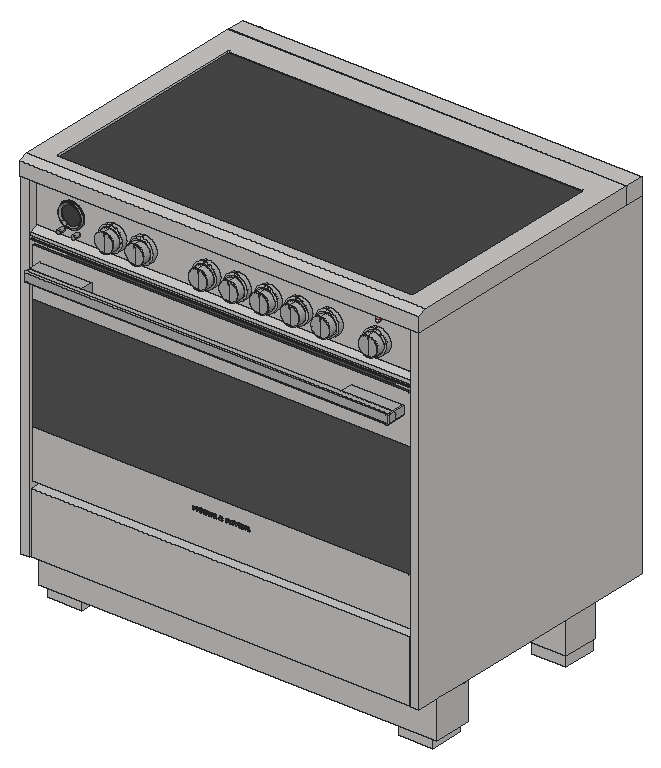
Revit family "FP_Revit_18_OR36SDI6X1_Range_90001023A", category Specialty Equipment, Revit 2018
Family settings
  Round Connector Dimension = Use Diameter
  Part Type = Normal
  OmniClass Number = 23.40.40.14.17.17
  OmniClass Title = Ranges
  Work Plane-Based = No
  Always vertical = Yes
  Cut with Voids When Loaded = Yes
  Shared = No
  Room Calculation Point = No
Parameters
  Visibility - Toe Kick Panel (Optional) = yes
  Visibility - Rear Trim 3"/76mm (Optional) = no
  Visibility - Rear Trim (Supplied) = yes
  Visibility - Clearance Required = yes
  Visibility - Adjustable Feet Covers = yes
  URL = "www.fisherpaykel.com"
  Product - Width = 911 mm  # constant formula
  Product - Height = 915 mm  # constant formula
  Product - Depth = 678.5 mm  # constant formula
  Optional - Toe Kick Panel = "KICKOR36X1"
  Optional - Rear Trim = "TKOR366X1"
  Model = "OR36SDI6X1"
  Material - Trim = Fisher & Paykel - Steel, Chrome Plated
  Material - Handle = Fisher & Paykel - Aluminium
  Material - Glass = Fisher & Paykel - Glass, Black
  Material - Door Front = Fisher & Paykel - Stainless Steel
  Material - Cooktop = Fisher & Paykel - Black, Matte
  Material - Buttons and Dials = Fisher & Paykel - Aluminium
  Material - Body = Fisher & Paykel - Stainless Steel
  Manufacturer = "Fisher & Paykel Appliances"
  Keynote = ""
  Description = "36\" Contemporary Freestanding Induction Range (Stainless)"
  Countertop Height (min 908mm - max 933mm) = 915 mm
  Connector Description - Electrical = "120/208 V or 120/240 V, 60 Hz, 40 A, *NEC Calculated load (50 A, Fused electrical supply)"
  Clearance - Side Non-Combustible = 0 mm  # constant formula
  Clearance - Side Combustible = 50 mm  # constant formula
  Clearance - Rear Non-Combustible = 0 mm  # constant formula
  Clearance - Rear Combustible = 50 mm  # constant formula
  Clearance - Overhead Rangehood = 610 mm  # constant formula
  Clearance - Overhead Non-Combustible = 610 mm  # constant formula
  Clearance - Overhead Combustible = 762 mm  # constant formula
  Chassis - Width = 911 mm  # constant formula
  Chassis - Height = 813.6 mm  # constant formula
  Chassis - Depth = 639 mm  # constant formula
  Cavity - Width = 914 mm  # constant formula
  Cavity - Height = 0 mm  # constant formula
  Cavity - Depth = 641 mm  # constant formula
Reference planes
  plane 1 "Datum": y = 0
  plane 2: z = 0
  plane 3 "Center (Left/Right)": x = 0
  plane 4 "Product Height": z = 923
  plane 5 "Product LHS": x = -455.5
  plane 6 "Product RHS": x = 455.5
  plane 7 "Cavity LHS": x = -457
  plane 8 "Cavity RHS": x = 457
  plane 9 "Product Depth": y = 639
  plane 10 "Cavity Depth": y = 641
  plane 11 "Dials": z = 820.4
  plane 12 "Countertop Height": z = 915
Forms (mm)
  Extrusion 1, solid, material "Fisher & Paykel - Stainless Steel" <- "Material - Body"
    sketch origin (0, 0, 0) x (0, 1, 0) y (0, 0, 1)
      loop
        line (50.7, 883) -> (50.7, 109.4) -> (566.5, 109.4) -> (566.5, 883) -> (50.7, 883)
    from -435.7 to 435.7
  Extrusion 2, solid, material "Fisher & Paykel - Stainless Steel" <- "Material - Body"
    sketch origin (0, 0, 0) x (0, 1, 0) y (0, 0, 1)
      loop
        line (19, 883) -> (19, 782.4) -> (50.7, 782.4) -> (50.7, 883) -> (19, 883)
    from -435.7 to 435.7
  Extrusion 3, solid, material "Fisher & Paykel - Stainless Steel" <- "Material - Body"
    sketch origin (0, 0, 0) x (0, 1, 0) y (0, 0, 1)
      loop
        line (31.59, 250.4) -> (1.5, 250.4) -> (1.5, 109.4) -> (31.59, 109.4) -> (31.59, 250.4)
    from -432 to 432
  Extrusion 4, solid, material "Fisher & Paykel - Clearance Required", visible <- "Visibility - Clearance Required", detail levels coarse
    sketch origin (0, 0, 0) x (0, 1, 0) y (0, 0, 1)
      loop
        line (0, 266.1) -> (0, 747.098)
        arc (0, 747.098) -> (-340.117, 606.217) -> (-480.998, 266.1) r 480.998
        line (-480.998, 266.1) -> (0, 266.1)
    from -457 to 457
  Extrusion 5, solid, material "Fisher & Paykel - Clearance Required", visible <- "Visibility - Clearance Required", detail levels coarse
    sketch origin (0, 0, 0) x (0, 1, 0) y (0, 0, 1)
      loop
        line (641, 0) -> (641, 923) -> (0, 923) -> (0, 0) -> (641, 0)
    from -457 to 457
  Extrusion 6, solid, material "Fisher & Paykel - Clearance Required (Combustible)", visible <- "Visibility - Clearance Required", detail levels coarse
    sketch origin (0, 0, 0) x (1, 0, 0) y (0, 1, 0)
      loop
        line (-457, 0) -> (-457, 641) -> (457, 641) -> (457, 0) -> (507, 0) -> (507, 691) -> (-507, 691) -> (-507, 0) -> (-457, 0)
    from 923 to 1380
  Extrusion 7, solid, material "Fisher & Paykel - Clearance Required (Combustible)", visible <- "Visibility - Clearance Required", detail levels coarse
    sketch origin (0, 0, 0) x (1, 0, 0) y (0, 1, 0)
      loop
        line (-457, 0) -> (457, 0) -> (457, 641) -> (-457, 641) -> (-457, 0)
    from 1685 to 1533
  Extrusion 8, solid, material "Fisher & Paykel - Clearance Required (Non-Combustible)", visible <- "Visibility - Clearance Required", detail levels coarse
    sketch origin (0, 0, 0) x (1, 0, 0) y (0, 1, 0)
      loop
        line (457, 641) -> (-457, 641) -> (-457, 0) -> (457, 0) -> (457, 641)
    from 923 to 1533
  Extrusion 9, solid, material "Fisher & Paykel - Clearance Required (Combustible)", visible <- "Visibility - Clearance Required", detail levels coarse
    sketch origin (0, 0, 0) x (1, 0, 0) y (0, 1, 0)
      loop
        line (-507, 0) -> (-457, 0) -> (-457, 311) -> (-507, 311) -> (-507, 0)
      loop
        line (507, 0) -> (507, 311) -> (457, 311) -> (457, 0) -> (507, 0)
    from 1380 to 1685
  Extrusion 10, solid, material "Fisher & Paykel - Stainless Steel" <- "Material - Body"
    sketch origin (0, 0, 0) x (0, 1, 0) y (0, 0, 1)
      loop
        line (0, 883) -> (0, 109.4) -> (634.5, 109.4) -> (634.5, 883) -> (0, 883)
    from 435.7 to 455.5
  Extrusion 11, solid, material "Fisher & Paykel - Stainless Steel" <- "Material - Body"
    sketch origin (0, 0, 0) x (0, 1, 0) y (0, 0, 1)
      loop
        line (0, 883) -> (0, 109.4) -> (634.5, 109.4) -> (634.5, 883) -> (0, 883)
    from -455.5 to -435.7
  Extrusion 12, solid, material "Fisher & Paykel - Stainless Steel" <- "Material - Body"
    sketch origin (0, 0, 0) x (0, 1, 0) y (0, 0, 1)
      loop
        line (50.7, 782.4) -> (19, 782.4) -> (2, 774.4) -> (2, 767.4) -> (50.7, 767.4) -> (50.7, 782.4)
    from -435.7 to 435.7
  Extrusion 13, solid, material "Fisher & Paykel - Steel, Chrome Plated" <- "Material - Trim", detail levels fine
    sketch origin (0, 0, 0) x (0, 1, 0) y (0, 0, 1)
      loop
        line (1.349, 762.4) -> (1.349, 760.4) -> (50.7, 760.4) -> (50.7, 762.4) -> (1.349, 762.4)
    from -435.7 to 435.7
  Extrusion 14, solid, material "Fisher & Paykel - Stainless Steel" <- "Material - Body"
    sketch origin (0, 0, 0) x (0, 1, 0) y (0, 0, 1)
      loop
        line (-1.5, 914.915) -> (-1.5, 883) -> (593.5, 883) -> (593.5, 923) -> (18.511, 923) -> (-1.5, 914.915)
    from -455.5 to 455.5
  Extrusion 15, solid, material "Fisher & Paykel - Stainless Steel" <- "Material - Body", visible <- "Visibility - Adjustable Feet Covers"
    sketch origin (0, 0, 0) x (1, 0, 0) y (0, 1, 0)
      loop
        line (-360.4, 137.7) -> (-442.5, 137.7) -> (-442.5, 55.7) -> (-360.4, 55.7) -> (-360.4, 137.7)
      loop
        line (-360.4, 516.7) -> (-442.482, 516.7) -> (-442.482, 434.7) -> (-360.4, 434.7) -> (-360.4, 516.7)
      loop
        line (360.4, 137.7) -> (360.4, 55.7) -> (442.5, 55.7) -> (442.5, 137.7) -> (360.4, 137.7)
      loop
        line (360.4, 516.7) -> (360.4, 434.7) -> (442.482, 434.7) -> (442.482, 516.7) -> (360.4, 516.7)
    from 23.7 to 109.4
  Extrusion 16, solid, material "Fisher & Paykel - Stainless Steel" <- "Material - Body", visible <- "Visibility - Adjustable Feet Covers"
    sketch origin (0, 0, 0) x (1, 0, 0) y (0, 1, 0)
      loop
        line (-362.4, 514.7) -> (-440.5, 514.7) -> (-440.5, 436.7) -> (-362.4, 436.7) -> (-362.4, 514.7)
      loop
        line (-362.4, 135.7) -> (-440.5, 135.7) -> (-440.5, 57.7) -> (-362.4, 57.7) -> (-362.4, 135.7)
      loop
        line (362.4, 514.7) -> (362.4, 436.7) -> (440.5, 436.7) -> (440.5, 514.7) -> (362.4, 514.7)
      loop
        line (362.4, 135.7) -> (362.4, 57.7) -> (440.5, 57.7) -> (440.5, 135.7) -> (362.4, 135.7)
    from 0 to 23.7
  Extrusion 17, solid, material "Fisher & Paykel - Stainless Steel" <- "Material - Body", visible <- "Visibility - Toe Kick Panel (Optional)"
    sketch origin (0, 0, 0) x (1, 0, 0) y (0, 1, 0)
      loop
        line (-442.5, 137.7) -> (-455.5, 137.7) -> (-455.5, 50.7) -> (455.5, 50.7) -> (455.5, 137.7) -> (442.5, 137.7) -> (442.5, 55.7) -> (-442.5, 55.7) -> (-442.5, 137.7)
    from 23.7 to 109.4
  Extrusion 18, solid, material "Fisher & Paykel - Glass, Black" <- "Material - Glass"
    sketch origin (0, 0, 0) x (1, 0, 0) y (0, 0, 1)
      loop
        line (-432, 747.7) -> (-432, 265.5) -> (432, 265.5) -> (432, 747.7) -> (-432, 747.7)
    from -9.5 to -5.5
  Extrusion 19, solid, material "Fisher & Paykel - Glass, Black"
    sketch origin (0, 0, 0) x (0, 1, 0) y (0, 0, 1)
      loop
        line (9.5, 745.197) -> (9.5, 273.1) -> (43.8, 273.1) -> (43.8, 741.592) -> (9.5, 745.197)
    from -365 to 365
  Extrusion 20, void
    sketch origin (0, 0, 0) x (1, 0, 0) y (0, 1, 0)
      loop
        arc (-402, 531.791) -> (-405.536, 530.326) -> (-407, 526.791) r 5
        line (-407, 526.791) -> (-407, 46.2)
        arc (-407, 46.2) -> (-405.536, 42.664) -> (-402, 41.2) r 5
        line (-402, 41.2) -> (402, 41.2)
        arc (402, 41.2) -> (405.536, 42.664) -> (407, 46.2) r 5
        line (407, 46.2) -> (407, 526.791)
        arc (407, 526.791) -> (405.536, 530.326) -> (402, 531.791) r 5
        line (402, 531.791) -> (-402, 531.791)
    from 883 to 923
  Extrusion 21, solid, material "Fisher & Paykel - Stainless Steel" <- "Material - Body", visible <- "Visibility - Rear Trim 3"/76mm (Optional)"
    sketch origin (0, 0, 0) x (0, 1, 0) y (0, 0, 1)
      loop
        line (582.5, 999) -> (582.5, 923) -> (593.5, 923) -> (593.5, 883) -> (634.5, 883) -> (634.5, 999) -> (582.5, 999)
    from -455.5 to 455.5
  Extrusion 22, void
    sketch origin (0, 0, 0) x (1, 0, 0) y (0, 0, 1)
      loop
        line (351.8, 237) -> (-435.7, 237) -> (-435.7, 101.4) -> (435.7, 101.4) -> (435.7, 883) -> (351.8, 883) -> (351.8, 237)
    from -604 to -519.5
  Extrusion 23, solid, material "Fisher & Paykel - Stainless Steel" <- "Material - Body", detail levels medium+fine
    sketch origin (0, 0, 0) x (1, 0, 0) y (0, 1, 0)
      loop
        circle (-370, 550.5) r 6
    from 137 to 237
  Extrusion 24, solid, material "Fisher & Paykel - Stainless Steel" <- "Material - Body"
    sketch origin (0, 0, 0) x (1, 0, 0) y (0, 0, 1)
      loop
        circle (-420.064, 912.06) r 4.009
      loop
        circle (-420.064, 912.06) r 7.491
      loop
        circle (420.064, 912.06) r 4.009
      loop
        circle (420.064, 912.06) r 7.491
    from -639 to -634.5
  Extrusion 25, solid, material "Fisher & Paykel - Stainless Steel" <- "Material - Body"
    sketch origin (0, 0, 0) x (1, 0, 0) y (0, 0, 1)
      loop
        line (273, 883) -> (-273, 883) -> (-273, 695) -> (273, 695) -> (273, 883)
    from -616.5 to -566.5
  Extrusion 26, solid, material "Fisher & Paykel - Stainless Steel" <- "Material - Body"
    sketch origin (0, 0, 0) x (1, 0, 0) y (0, 0, 1)
      loop
        line (-315.2, 367) -> (-435.7, 367) -> (-435.7, 237) -> (-315.2, 237) -> (-315.2, 367)
    from -587.5 to -566.5
  Extrusion 27, solid, material "Fisher & Paykel - Stainless Steel" <- "Material - Body"
    sketch origin (0, 0, 1000) x (1, 0, 0) y (0, 0, 1)
      loop
        line (227.779, -394.6) -> (-317.779, -394.6)
        arc (-317.779, -394.6) -> (-387.07, -440.899) -> (-370.812, -522.633) r 75
        line (-370.812, -522.633) -> (-244.954, -648.491)
        arc (-244.954, -648.491) -> (-227.111, -660.413) -> (-206.064, -664.6) r 55
        line (-206.064, -664.6) -> (116.064, -664.6)
        arc (116.064, -664.6) -> (137.111, -660.413) -> (154.954, -648.491) r 55
        line (154.954, -648.491) -> (280.812, -522.633)
        arc (280.812, -522.633) -> (297.07, -440.899) -> (227.779, -394.6) r 75
    from -578.5 to -566.5
  Extrusion 28, solid, material "Fisher & Paykel - Stainless Steel" <- "Material - Body"
    sketch origin (0, 0, 0) x (0, 1, 0) y (0, 0, 1)
      loop
        line (641, 151) -> (634.5, 151) -> (603.701, 13) -> (486.3, 13) -> (486.3, 0) -> (641, 0) -> (641, 151)
    from -27.25 to 27.25
  Extrusion 29, solid, material "Fisher & Paykel - Stainless Steel" <- "Material - Body"
    sketch origin (0, 0, 0) x (1, 0, 0) y (0, 1, 0)
      loop
        circle (0, 514.309) r 5
    from 13 to 50.9
  Extrusion 30, solid, material "Fisher & Paykel - Stainless Steel" <- "Material - Body"
    sketch origin (0, 0, 0) x (0, 1, 0) y (0, 0, 1)
      loop
        line (486.3, 109.4) -> (486.3, 50.9) -> (519.5, 50.9) -> (519.5, 109.4) -> (486.3, 109.4)
    from -27.25 to 27.25
  Extrusion 31, solid, material "Fisher & Paykel - Stainless Steel" <- "Material - Body"
    sketch origin (0, 0, 0) x (1, 0, 0) y (0, 1, 0)
      loop
        circle (-401.482, 475.7) r 25
      loop
        circle (-401.5, 96.7) r 25
      loop
        circle (401.482, 475.7) r 25
      loop
        circle (401.5, 96.7) r 25
    from 0 to 109.4
  Extrusion 32, solid, material "Fisher & Paykel - Stainless Steel" <- "Material - Body", visible <- "Visibility - Rear Trim (Supplied)"
    sketch origin (0, 0, 0) x (0, 1, 0) y (0, 0, 1)
      loop
        line (593.5, 923) -> (593.5, 883) -> (634.5, 883) -> (634.5, 923) -> (593.5, 923)
    from -455.5 to 455.5
  Extrusion 33, solid, material "Fisher & Paykel - Black, Matte" <- "Material - Cooktop"
    sketch origin (0, 0, 0) x (1, 0, 0) y (0, 1, 0)
      loop
        arc (-402, 531.791) -> (-405.536, 530.326) -> (-407, 526.791) r 5
        line (-407, 526.791) -> (-407, 46.2)
        arc (-407, 46.2) -> (-405.536, 42.664) -> (-402, 41.2) r 5
        line (-402, 41.2) -> (402, 41.2)
        arc (402, 41.2) -> (405.536, 42.664) -> (407, 46.2) r 5
        line (407, 46.2) -> (407, 526.791)
        arc (407, 526.791) -> (405.536, 530.326) -> (402, 531.791) r 5
        line (402, 531.791) -> (-402, 531.791)
    from 883 to 920
  Extrusion 34, solid, material "Fisher & Paykel - Stainless Steel" <- "Material - Door Front"
    sketch origin (0, 0, 0) x (0, 1, 0) y (0, 0, 1)
      loop
        line (4.5, 375.5) -> (4.5, 265.5) -> (5.5, 265.5) -> (5.5, 375.5) -> (4.5, 375.5)
      loop
        line (4.5, 747.7) -> (4.5, 637.7) -> (5.5, 637.7) -> (5.5, 747.7) -> (4.5, 747.7)
    from -432 to 432
  Extrusion 35, solid, material "Fisher & Paykel - Steel, Chrome Plated" <- "Material - Trim", detail levels medium+fine
    sketch origin (0, 0, 0) x (0, 1, 0) y (0, 0, 1)
      loop
        line (50.7, 762.4) -> (2.5, 762.4) -> (2.5, 760.4) -> (50.7, 760.4) -> (50.7, 762.4)
    from -435.7 to 435.7
  Extrusion 36, solid, material "Fisher & Paykel - Bezel Red", detail levels medium+fine
    sketch origin (0, 0, 0) x (1, 0, 0) y (0, 0, 1)
      loop
        circle (347, 862.4) r 5.281
    from -25.94 to -20.94
  Revolve 37, void
    sketch origin (347, 0, 0) x (0, 1, 0) y (0, 0, 1)
      loop
        line (19, 869.621) -> (19, 862.4) -> (25.94, 862.4) -> (25.94, 867.681) -> (20.94, 867.681) -> (19, 869.621)
      axis (25.94, 862.4) -> (19, 862.4)
    angle from 0 to 360
  Extrusion 38, void
    sketch origin (0, 0, 0) x (0, 1, 0) y (0, 0, 1)
      loop
        line (641, 0) -> (641, 923) -> (-40, 923) -> (-40, 0) -> (641, 0)
    from -457 to 457
Cuts and joins
  Extrusion 20, Extrusion 22 cuts Extrusion 1
  Extrusion 20 cuts Extrusion 5
  Extrusion 20 cuts Extrusion 15
  Extrusion 20 cuts Extrusion 16
  Extrusion 20 cuts Extrusion 17
  Extrusion 20 cuts Extrusion 14
  Revolve 37 cuts Extrusion 2
Text (mm)
  text "Due to ongoing product development, product details are subject to change without notice. \nPlease always refer to www.fisherpaykel.com for the most current product information. \n© Fisher & Paykel 2020" at (41.04, -544.815, 0), in view "Ref. Level (Plan)"
Dimensions and locks
  equal spacing: plane 5 "Product LHS", plane 3 "Center (Left/Right)", plane 6 "Product RHS"
  "Product - Width": plane 5 "Product LHS" to plane 6 "Product RHS"
  equal spacing: plane 7 "Cavity LHS", plane 3 "Center (Left/Right)", plane 8 "Cavity RHS"
  "Cavity - Width": plane 7 "Cavity LHS" to plane 8 "Cavity RHS"
  "Chassis - Depth": plane 1 "Datum" to plane 9 "Product Depth"
  "Cavity - Depth": plane 1 "Datum" to plane 10 "Cavity Depth"
  "Clearance - Side Combustible": Extrusion 6 sketch curve to Extrusion 5
  "Clearance - Side Combustible": Extrusion 5 to Extrusion 6 sketch curve
  "Clearance - Rear Combustible": plane 10 "Cavity Depth" to Extrusion 6 sketch curve
  Extrusion 6 to plane 4 "Product Height" = 457 mm
  Extrusion 7 to plane 4 "Product Height" = 610 mm
  Extrusion 8 to plane 4 "Product Height" = 610 mm
  Extrusion 9 sketch curve to plane 10 "Cavity Depth" = 330 mm
  "Clearance - Side Combustible": Extrusion 8 to Extrusion 6
  "Clearance - Side Combustible": Extrusion 6 to Extrusion 8
  "Clearance - Rear Combustible": Extrusion 6 to Extrusion 8
  locked: Extrusion 6 to plane 4 "Product Height" at 457
  locked: Extrusion 9 to Extrusion 8 at 330
  locked: plane 4 "Product Height" to Extrusion 10 at 40
  plane 5 "Product LHS" to Extrusion 15 sketch curve = 95.1 mm
  locked: plane 4 "Product Height" to Extrusion 10 at 813.6  (x2)
  locked: plane 4 "Product Height" to Extrusion 3 at 672.6
  equal spacing: cut or joined group of Extrusion 14, Extrusion 20, plane 3 "Center (Left/Right)", cut or joined group of Extrusion 14, Extrusion 20
  locked: Extrusion 6 to plane 11 "Dials" at 102.6
  locked: nested 9 to plane 11 "Dials" at 10.019
  plane 4 "Product Height" to Extrusion 13 = 160.6 mm
  locked: plane 4 "Product Height" to plane 11 "Dials" at 102.6
  locked: Extrusion 19 to plane 4 "Product Height" at 649.9
  cut or joined group of Extrusion 1, Extrusion 20, Extrusion 22 to plane 11 "Dials" = 711 mm
  cut or joined group of Extrusion 1, Extrusion 20, Extrusion 22 to cut or joined group of Extrusion 1, Extrusion 20, Extrusion 22 = 127.6 mm
  Extrusion 8 to Extrusion 9 = 311 mm
  locked: cut or joined group of Extrusion 17, Extrusion 20 to Extrusion 10 at 85.7
  locked: cut or joined group of Extrusion 15, Extrusion 20 to Extrusion 10 at 85.7
  locked: cut or joined group of Extrusion 1, Extrusion 20, Extrusion 22 to Extrusion 10 at 127.6
  locked: Extrusion 25 to Extrusion 6 at 228
  locked: plane 4 "Product Height" to Extrusion 12 at 155.6
  locked: Extrusion 3 sketch curve to Extrusion 3 sketch curve at 141
  locked: Extrusion 25 to plane 4 "Product Height" at 228
  locked: Extrusion 26 to plane 4 "Product Height" at 556
  locked: Extrusion 28 sketch curve to level at 151
  locked: Extrusion 23 to cut or joined group of Extrusion 1, Extrusion 20, Extrusion 22 at 100
  locked: cut or joined group of Extrusion 15, Extrusion 20 to Extrusion 11 at 85.7
  locked: Extrusion 27 sketch curve to plane 4 "Product Height" at 317.6
  locked: cut or joined group of Extrusion 1, Extrusion 20, Extrusion 22 to plane 4 "Product Height" at 686
  locked: Extrusion 6 to cut or joined group of Extrusion 15, Extrusion 20 at 813.6
  locked: Extrusion 30 to Extrusion 10 at 58.5
  locked: Extrusion 23 to Extrusion 10 at 127.6
  locked: plane 4 "Product Height" to Extrusion 4 at 656.9
  locked: plane 12 "Countertop Height" to plane 4 "Product Height" at 8
  "Countertop Height (min 908mm - max 933mm)": level to plane 12 "Countertop Height"
  locked: plane 4 "Product Height" to cut or joined group of Extrusion 5, Extrusion 20 at 40
  "Clearance - Overhead Non-Combustible": Extrusion 8 to plane 4 "Product Height"
  "Clearance - Overhead Combustible": Extrusion 7 to plane 4 "Product Height"
  locked: Extrusion 9 to Extrusion 7
  Extrusion 7 to Extrusion 9 = 311 mm
  cut or joined group of Extrusion 15, Extrusion 20 to Extrusion 33 = 476.091 mm
  locked: Extrusion 6 to Extrusion 33 at 3
  cut or joined group of Extrusion 14, Extrusion 20 to nested 2 = 108.5 mm
  cut or joined group of Extrusion 14, Extrusion 20 to nested 3 = 217.514 mm
  nested 3 to nested 4 = 70 mm
  nested 4 to nested 5 = 70 mm
  cut or joined group of Extrusion 14, Extrusion 20 to nested 8 = 642.515 mm
  nested 8 to nested 10 = 70 mm
  locked: plane 4 "Product Height" to Extrusion 34 at 657.5
  locked: plane 4 "Product Height" to Extrusion 34 at 547.5
  locked: plane 4 "Product Height" to Extrusion 34 at 285.3
  locked: plane 4 "Product Height" to Extrusion 34 at 175.3
  locked: nested 1 to Extrusion 34 at 70.147
  locked: Extrusion 18 to plane 4 "Product Height" at 657.5
  locked: nested 8 to plane 11 "Dials" at 16
  locked: nested 10 to plane 11 "Dials" at 16
  locked: nested 7 to plane 11 "Dials" at 16
  locked: nested 6 to plane 11 "Dials" at 16  (x2)
  locked: nested 5 to plane 11 "Dials" at 16
  locked: nested 4 to plane 11 "Dials" at 16
  locked: nested 3 to plane 11 "Dials" at 16
  locked: nested 2 to plane 11 "Dials" at 16
  locked: plane 4 "Product Height" to Extrusion 33 at 3
  locked: plane 4 "Product Height" to nested 11 at 204.337
  "Product - Depth": nested 11 to plane 9 "Product Depth"
  aligned and locked: level to plane 2
  aligned and locked: Extrusion 6 sketch curve to plane 8 "Cavity RHS"
  aligned and locked: Extrusion 6 sketch curve to plane 7 "Cavity LHS"
  aligned and locked: Extrusion 9 sketch curve to Extrusion 9 sketch curve
  aligned and locked: Extrusion 2 to cut or joined group of Extrusion 1, Extrusion 20, Extrusion 22  (x2)
  aligned and locked: cut or joined group of Extrusion 1, Extrusion 20, Extrusion 22 to Extrusion 2
  aligned and locked: Extrusion 10 sketch curve to plane 1 "Datum"
  aligned and locked: Extrusion 2 to Extrusion 12
  aligned and locked: Extrusion 2 to Extrusion 13
  aligned and locked: Extrusion 12 to Extrusion 2
  aligned and locked: Extrusion 13 to Extrusion 2
  aligned and locked: Extrusion 16 to level
  aligned and locked: Extrusion 16 to Extrusion 15
  aligned and locked: plane 5 "Product LHS" to Extrusion 17 sketch curve
  aligned and locked: Extrusion 17 sketch curve to Extrusion 15
  aligned and locked: Extrusion 17 sketch curve to Extrusion 2
  aligned and locked: Extrusion 17 sketch curve to plane 6 "Product RHS"
  aligned and locked: plane 4 "Product Height" to Extrusion 20
  aligned and locked: Extrusion 21 to plane 6 "Product RHS"
  aligned and locked: plane 5 "Product LHS" to Extrusion 21
  aligned and locked: Extrusion 24 to plane 9 "Product Depth"
  aligned and locked: Extrusion 4 to plane 8 "Cavity RHS"
  aligned and locked: plane 7 "Cavity LHS" to Extrusion 4
  aligned and locked: Extrusion 17 to cut or joined group of Extrusion 15, Extrusion 20
  aligned and locked: plane 10 "Cavity Depth" to Extrusion 7
  aligned and locked: Extrusion 6 sketch curve to plane 10 "Cavity Depth"
  aligned and locked: Extrusion 14 to plane 5 "Product LHS"
  aligned and locked: Extrusion 14 to plane 6 "Product RHS"
  aligned and locked: Extrusion 11 to cut or joined group of Extrusion 1, Extrusion 20, Extrusion 22
  aligned and locked: cut or joined group of Extrusion 1, Extrusion 20, Extrusion 22 to Extrusion 30 sketch curve
  aligned and locked: Extrusion 29 to Extrusion 30
  aligned and locked: Extrusion 9 to Extrusion 6  (x2)
  aligned and locked: Extrusion 6 to Extrusion 9
  aligned and locked: Extrusion 31 to cut or joined group of Extrusion 1, Extrusion 20, Extrusion 22
  aligned and locked: Extrusion 8 to plane 4 "Product Height"
  aligned and locked: Extrusion 7 to Extrusion 8
  aligned and locked: Extrusion 33 to Extrusion 2
  aligned and locked: plane 4 "Product Height" to Extrusion 5
  aligned and locked: Extrusion 3 to cut or joined group of Extrusion 1, Extrusion 20, Extrusion 22
  aligned and locked: Extrusion 33 to cut or joined group of Extrusion 1, Extrusion 20, Extrusion 22
  aligned and locked: Extrusion 17 to cut or joined group of Extrusion 1, Extrusion 20, Extrusion 22
  aligned and locked: Extrusion 26 to cut or joined group of Extrusion 1, Extrusion 20, Extrusion 22
Automatic sketch dimensions
  Extrusion 1 sketch curve to plane 1 "Datum" = 50.7 mm
  plane 9 "Product Depth" to Extrusion 1 sketch curve = 72.5 mm
  level to Extrusion 1 sketch curve = 109.4 mm
  plane 12 "Countertop Height" to Extrusion 1 sketch curve = 32 mm
  Extrusion 2 sketch curve to plane 1 "Datum" = 19 mm
  Extrusion 2 sketch curve to Extrusion 2 sketch curve = 31.7 mm
  plane 11 "Dials" to Extrusion 2 sketch curve = 38 mm
  plane 12 "Countertop Height" to Extrusion 2 sketch curve = 32 mm
  Extrusion 3 sketch curve to plane 1 "Datum" = 1.5 mm
  Extrusion 3 sketch curve to Extrusion 3 sketch curve = 30.09 mm
  level to Extrusion 3 sketch curve = 109.4 mm
  Extrusion 4 sketch curve to plane 1 "Datum" = 0 mm
  Extrusion 4 sketch curve to Extrusion 4 sketch curve = 480.998 mm
  level to Extrusion 4 sketch curve = 266.1 mm
  Extrusion 5 sketch curve to level = 0 mm
  Extrusion 5 sketch curve to plane 1 "Datum" = 0 mm
  Extrusion 5 sketch curve to plane 4 "Product Height" = 0 mm
  Extrusion 5 sketch curve to plane 10 "Cavity Depth" = 0 mm
  Extrusion 7 sketch curve to plane 7 "Cavity LHS" = 0 mm
  Extrusion 7 sketch curve to plane 8 "Cavity RHS" = 0 mm
  plane 1 "Datum" to Extrusion 7 sketch curve = 0 mm
  plane 10 "Cavity Depth" to Extrusion 7 sketch curve = 0 mm
  Extrusion 8 sketch curve to plane 7 "Cavity LHS" = 0 mm
  plane 1 "Datum" to Extrusion 8 sketch curve = 0 mm
  Extrusion 8 sketch curve to plane 8 "Cavity RHS" = 0 mm
  plane 10 "Cavity Depth" to Extrusion 8 sketch curve = 0 mm
  plane 1 "Datum" to Extrusion 9 sketch curve = 0 mm  (x2)
  Extrusion 9 sketch curve to plane 7 "Cavity LHS" = 0 mm
  Extrusion 9 sketch curve to plane 8 "Cavity RHS" = 0 mm
  plane 7 "Cavity LHS" to Extrusion 9 sketch curve = 50 mm
  Extrusion 9 sketch curve to plane 8 "Cavity RHS" = 50 mm
  plane 9 "Product Depth" to Extrusion 10 sketch curve = 4.5 mm
  level to Extrusion 10 sketch curve = 109.4 mm
  plane 12 "Countertop Height" to Extrusion 10 sketch curve = 32 mm
  Extrusion 11 sketch curve to plane 1 "Datum" = 0 mm
  plane 9 "Product Depth" to Extrusion 11 sketch curve = 4.5 mm
  level to Extrusion 11 sketch curve = 109.4 mm
  plane 12 "Countertop Height" to Extrusion 11 sketch curve = 32 mm
  Extrusion 12 sketch curve to plane 1 "Datum" = 2 mm
  Extrusion 12 sketch curve to Extrusion 12 sketch curve = 17 mm
  Extrusion 12 sketch curve to Extrusion 12 sketch curve = 31.7 mm
  plane 11 "Dials" to Extrusion 12 sketch curve = 53 mm
  Extrusion 12 sketch curve to Extrusion 12 sketch curve = 7 mm
  Extrusion 12 sketch curve to Extrusion 12 sketch curve = 15 mm
  Extrusion 13 sketch curve to plane 1 "Datum" = 1.349 mm
  Extrusion 13 sketch curve to Extrusion 13 sketch curve = 49.351 mm
  plane 11 "Dials" to Extrusion 13 sketch curve = 60 mm
  Extrusion 13 sketch curve to Extrusion 13 sketch curve = 2 mm
  Extrusion 14 sketch curve to plane 4 "Product Height" = 0 mm
  plane 1 "Datum" to Extrusion 14 sketch curve = 1.5 mm
  Extrusion 14 sketch curve to plane 1 "Datum" = 18.511 mm
  plane 9 "Product Depth" to Extrusion 14 sketch curve = 45.5 mm
  plane 12 "Countertop Height" to Extrusion 14 sketch curve = 0.085 mm
  plane 12 "Countertop Height" to Extrusion 14 sketch curve = 32 mm
  Extrusion 15 sketch curve to plane 5 "Product LHS" = 13.018 mm
  Extrusion 15 sketch curve to plane 5 "Product LHS" = 13 mm
  Extrusion 15 sketch curve to Extrusion 15 sketch curve = 82.081 mm
  plane 6 "Product RHS" to Extrusion 15 sketch curve = 95.1 mm  (x2)
  plane 6 "Product RHS" to Extrusion 15 sketch curve = 13.018 mm
  plane 6 "Product RHS" to Extrusion 15 sketch curve = 13 mm
  Extrusion 15 sketch curve to plane 1 "Datum" = 55.7 mm  (x2)
  Extrusion 15 sketch curve to Extrusion 15 sketch curve = 82 mm  (x4)
  plane 9 "Product Depth" to Extrusion 15 sketch curve = 204.3 mm  (x2)
  Extrusion 16 sketch curve to plane 5 "Product LHS" = 15 mm  (x2)
  Extrusion 16 sketch curve to Extrusion 16 sketch curve = 78.1 mm  (x2)
  plane 6 "Product RHS" to Extrusion 16 sketch curve = 93.1 mm  (x2)
  plane 6 "Product RHS" to Extrusion 16 sketch curve = 15 mm  (x2)
  Extrusion 16 sketch curve to plane 1 "Datum" = 57.7 mm  (x2)
  Extrusion 16 sketch curve to Extrusion 16 sketch curve = 78 mm  (x4)
  plane 9 "Product Depth" to Extrusion 16 sketch curve = 202.3 mm  (x2)
  Extrusion 17 sketch curve to plane 5 "Product LHS" = 13 mm
  plane 6 "Product RHS" to Extrusion 17 sketch curve = 13 mm
  Extrusion 17 sketch curve to Extrusion 17 sketch curve = 82 mm  (x2)
  Extrusion 18 sketch curve to plane 5 "Product LHS" = 23.5 mm
  plane 6 "Product RHS" to Extrusion 18 sketch curve = 23.5 mm
  level to Extrusion 18 sketch curve = 265.5 mm
  plane 11 "Dials" to Extrusion 18 sketch curve = 72.7 mm
  Extrusion 19 sketch curve to plane 1 "Datum" = 9.5 mm
  Extrusion 19 sketch curve to Extrusion 19 sketch curve = 34.3 mm
  level to Extrusion 19 sketch curve = 273.1 mm
  plane 11 "Dials" to Extrusion 19 sketch curve = 78.808 mm
  Extrusion 19 sketch curve to Extrusion 19 sketch curve = 3.605 mm
  Extrusion 20 sketch curve to plane 5 "Product LHS" = 48.5 mm
  Extrusion 20 sketch curve to Extrusion 20 sketch curve = 5 mm  (x3)
  plane 6 "Product RHS" to Extrusion 20 sketch curve = 53.5 mm  (x2)
  Extrusion 20 sketch curve to plane 1 "Datum" = 41.2 mm
  plane 9 "Product Depth" to Extrusion 20 sketch curve = 112.209 mm
  Extrusion 21 sketch curve to plane 4 "Product Height" = 0 mm
  plane 9 "Product Depth" to Extrusion 21 sketch curve = 56.5 mm
  Extrusion 21 sketch curve to Extrusion 21 sketch curve = 11 mm
  plane 9 "Product Depth" to Extrusion 21 sketch curve = 4.5 mm
  plane 12 "Countertop Height" to Extrusion 21 sketch curve = 32 mm
  plane 4 "Product Height" to Extrusion 21 sketch curve = 76 mm
  Extrusion 22 sketch curve to plane 5 "Product LHS" = 19.8 mm
  plane 6 "Product RHS" to Extrusion 22 sketch curve = 103.7 mm
  plane 6 "Product RHS" to Extrusion 22 sketch curve = 19.8 mm
  level to Extrusion 22 sketch curve = 101.4 mm
  Extrusion 22 sketch curve to Extrusion 22 sketch curve = 135.6 mm
  plane 12 "Countertop Height" to Extrusion 22 sketch curve = 32 mm
  Extrusion 23 sketch curve to plane 5 "Product LHS" = 85.5 mm
  plane 9 "Product Depth" to Extrusion 23 sketch curve = 88.5 mm
  Extrusion 24 sketch curve to Extrusion 24 sketch curve = 0 mm  (x4)
  plane 12 "Countertop Height" to Extrusion 24 sketch curve = 2.94 mm  (x2)
  Extrusion 24 sketch curve to plane 5 "Product LHS" = 35.436 mm
  plane 6 "Product RHS" to Extrusion 24 sketch curve = 35.436 mm
  plane 12 "Countertop Height" to Extrusion 25 sketch curve = 32 mm
  Extrusion 25 sketch curve to plane 5 "Product LHS" = 182.5 mm
  plane 6 "Product RHS" to Extrusion 25 sketch curve = 182.5 mm
  plane 11 "Dials" to Extrusion 25 sketch curve = 125.4 mm
  Extrusion 26 sketch curve to plane 5 "Product LHS" = 19.8 mm
  Extrusion 26 sketch curve to Extrusion 26 sketch curve = 120.5 mm
  level to Extrusion 26 sketch curve = 237 mm
  Extrusion 26 sketch curve to Extrusion 26 sketch curve = 130 mm
  Extrusion 27 sketch curve to plane 5 "Product LHS" = 84.688 mm
  Extrusion 27 sketch curve to plane 5 "Product LHS" = 137.721 mm
  Extrusion 27 sketch curve to Extrusion 27 sketch curve = 125.858 mm
  Extrusion 27 sketch curve to Extrusion 27 sketch curve = 38.891 mm  (x3)
  plane 3 "Center (Left/Right)" to Extrusion 27 sketch curve = 116.064 mm
  Extrusion 27 sketch curve to Extrusion 27 sketch curve = 111.716 mm
  Extrusion 27 sketch curve to Extrusion 27 sketch curve = 53.033 mm
  Extrusion 27 sketch curve to Extrusion 27 sketch curve = 75 mm  (x2)
  Extrusion 27 sketch curve to Extrusion 27 sketch curve = 140 mm  (x2)
  Extrusion 28 sketch curve to level = 0 mm
  level to Extrusion 28 sketch curve = 13 mm
  plane 9 "Product Depth" to Extrusion 28 sketch curve = 152.7 mm
  plane 9 "Product Depth" to Extrusion 28 sketch curve = 35.299 mm
  plane 9 "Product Depth" to Extrusion 28 sketch curve = 4.5 mm
  plane 10 "Cavity Depth" to Extrusion 28 sketch curve = 0 mm
  Extrusion 29 sketch curve to plane 3 "Center (Left/Right)" = 0 mm
  plane 9 "Product Depth" to Extrusion 29 sketch curve = 124.691 mm
  level to Extrusion 30 sketch curve = 50.9 mm
  plane 9 "Product Depth" to Extrusion 30 sketch curve = 152.7 mm
  Extrusion 30 sketch curve to Extrusion 30 sketch curve = 33.2 mm
  Extrusion 31 sketch curve to plane 5 "Product LHS" = 54 mm
  Extrusion 31 sketch curve to plane 5 "Product LHS" = 54.018 mm
  plane 6 "Product RHS" to Extrusion 31 sketch curve = 54.018 mm
  plane 6 "Product RHS" to Extrusion 31 sketch curve = 54 mm
  Extrusion 31 sketch curve to plane 1 "Datum" = 96.7 mm  (x2)
  plane 9 "Product Depth" to Extrusion 31 sketch curve = 163.3 mm  (x2)
  Extrusion 32 sketch curve to plane 4 "Product Height" = 0 mm
  plane 9 "Product Depth" to Extrusion 32 sketch curve = 45.5 mm
  plane 9 "Product Depth" to Extrusion 32 sketch curve = 4.5 mm
  plane 12 "Countertop Height" to Extrusion 32 sketch curve = 32 mm
  Extrusion 33 sketch curve to plane 5 "Product LHS" = 48.5 mm
  Extrusion 33 sketch curve to Extrusion 33 sketch curve = 5 mm  (x3)
  plane 6 "Product RHS" to Extrusion 33 sketch curve = 53.5 mm  (x2)
  Extrusion 33 sketch curve to plane 1 "Datum" = 41.2 mm
  plane 9 "Product Depth" to Extrusion 33 sketch curve = 112.209 mm
  Extrusion 34 sketch curve to plane 1 "Datum" = 4.5 mm  (x2)
  Extrusion 34 sketch curve to Extrusion 34 sketch curve = 1 mm  (x2)
  level to Extrusion 34 sketch curve = 265.5 mm
  Extrusion 34 sketch curve to Extrusion 34 sketch curve = 110 mm
  plane 11 "Dials" to Extrusion 34 sketch curve = 182.7 mm
  plane 11 "Dials" to Extrusion 34 sketch curve = 72.7 mm
  Extrusion 35 sketch curve to plane 1 "Datum" = 2.5 mm
  Extrusion 35 sketch curve to Extrusion 35 sketch curve = 48.2 mm
  plane 11 "Dials" to Extrusion 35 sketch curve = 60 mm
  Extrusion 35 sketch curve to Extrusion 35 sketch curve = 2 mm
  Extrusion 36 sketch curve to plane 11 "Dials" = 42 mm
  plane 6 "Product RHS" to Extrusion 36 sketch curve = 108.5 mm
  Revolve 37 sketch curve to plane 1 "Datum" = 19 mm
  Revolve 37 sketch curve to Revolve 37 sketch curve = 1.94 mm  (x2)
  Revolve 37 sketch curve to Revolve 37 sketch curve = 5 mm
  Revolve 37 sketch curve to plane 11 "Dials" = 42 mm
  Revolve 37 sketch curve to Revolve 37 sketch curve = 5.281 mm
  Revolve 37 sketch curve to Revolve 37 sketch curve = 0 mm  (x2)
  Revolve 37 sketch curve to Revolve 37 sketch curve = 7.313 mm
  Extrusion 38 sketch curve to level = 0 mm
  plane 1 "Datum" to Extrusion 38 sketch curve = 40 mm
  Extrusion 38 sketch curve to plane 4 "Product Height" = 0 mm
  Extrusion 38 sketch curve to plane 10 "Cavity Depth" = 0 mm
  plane 1 "Datum" to Extrusion 6 sketch curve = 0 mm  (x2)
  radius of Extrusion 23 sketch curve = 6 mm
  radius of Extrusion 24 sketch curve = 4.009 mm  (x2)
  radius of Extrusion 24 sketch curve = 7.491 mm  (x2)
  radius of Extrusion 29 sketch curve = 5 mm
  radius of Extrusion 31 sketch curve = 25 mm  (x4)
  radius of Extrusion 36 sketch curve = 5.281 mm
Nested families
  nested 1: "F&P Logo 130mm" at (0, 4.9, 335.647), type "F&P Logo 130mm"
  nested 2: "F&P Dial Range Contemporary" at (347, 19, 820.4), type "F&P Dial Range Contemporary"
  nested 3: "F&P Dial Range Contemporary" at (237.986, 19, 820.4), type "F&P Dial Range Contemporary"
  nested 4: "F&P Dial Range Contemporary" at (167.986, 19, 820.4), type "F&P Dial Range Contemporary"
  nested 5: "F&P Dial Range Contemporary" at (97.985, 19, 820.4), type "F&P Dial Range Contemporary"
  nested 6: "F&P Dial Range Contemporary" at (27.986, 19, 820.4), type "F&P Dial Range Contemporary"
  nested 7: "F&P Dial Range Contemporary" at (-42.015, 19, 820.4), type "F&P Dial Range Contemporary"
  nested 8: "F&P Dial Range Contemporary" at (-187.015, 19, 820.4), type "F&P Dial Range Contemporary"
  nested 9: "F&P Clock TFT Range" at (-354.2, 19, 830.419), type "F&P Clock TFT Range"
  nested 10: "F&P Dial Range Contemporary" at (-257.015, 19, 820.4), type "F&P Dial Range Contemporary"
  nested 11: "F&P Handle Contemporary OR30-36" at (0, 0, 0), type "36""
Connectors
  electrical at (-370, 550.5, 137), driven by "Connector Description - Electrical"
    settings: on Extrusion 23, index 1, voltage 120 V, apparent load 0 VA, apparent load phase1 0 VA, apparent load phase2 0 VA, apparent load phase3 0 VA, power factor 1, load classification "Other", number of poles 2, system type 30, power factor state 1, is connector primary yes, connector utility no, sub classification motor no, connector description "120/208 V or 120/240 V, 60 Hz, 40 A, *NEC Calculated load (50 A, Fused electrical supply)"
Definition of nested family "F&P Logo 130mm"
  Parameters (values of type "F&P Logo 130mm")
    URL = "www.fisherpaykel.com"
    Material - Logo = none
    Manufacturer = "Fisher & Paykel Appliances"
  Reference planes
    plane 1 "Center (Front/Back)": y = 0
    plane 2: z = 0
    plane 3 "Center (Left/Right)": x = 0
  Forms (mm)
    Extrusion 1, solid, material <- "Material - Logo", detail levels fine
      sketch origin (0, 0, 0) x (1, 0, 0) y (0, 0, 1)
        loop
          line (-64.995, 0) -> (-62.949, 0) -> (-62.949, 2.779) -> (-59.752, 2.779) -> (-59.752, 4.514) -> (-62.949, 4.514) -> (-62.949, 6.125) -> (-59.47, 6.125) -> (-59.47, 7.852) -> (-64.995, 7.852) -> (-64.995, 0)
        loop
          line (-55.583, 7.852) -> (-55.583, 0) -> (-53.537, 0) -> (-53.537, 7.852) -> (-55.583, 7.852)
        loop
          line (-39.879, 7.852) -> (-39.879, 0) -> (-37.834, 0) -> (-37.834, 3.146) -> (-34.828, 3.146) -> (-34.828, 0) -> (-32.782, 0) -> (-32.782, 7.852) -> (-34.828, 7.852) -> (-34.828, 4.872) -> (-37.834, 4.872) -> (-37.834, 7.852) -> (-39.879, 7.852)
        loop
          line (-28.416, 7.852) -> (-28.416, 0) -> (-22.821, 0) -> (-22.821, 1.727) -> (-26.388, 1.727) -> (-26.388, 3.146) -> (-23.128, 3.146) -> (-23.128, 4.872) -> (-26.388, 4.872) -> (-26.388, 6.125) -> (-22.821, 6.125) -> (-22.821, 7.852) -> (-28.416, 7.852)
        loop
          line (59.429, 7.852) -> (59.429, 0) -> (65.005, 0) -> (65.005, 1.727) -> (61.476, 1.727) -> (61.476, 7.852) -> (59.429, 7.852)
        loop
          line (55.223, 7.852) -> (49.609, 7.852) -> (49.609, 0) -> (55.223, 0) -> (55.223, 1.727) -> (51.655, 1.727) -> (51.655, 3.146) -> (54.916, 3.146) -> (54.916, 4.872) -> (51.655, 4.872) -> (51.655, 6.125) -> (55.223, 6.125) -> (55.223, 7.852)
        loop
          line (43.548, 4.092) -> (46.45, 7.852) -> (44.059, 7.852) -> (41.552, 4.604) -> (41.552, 7.852) -> (39.507, 7.852) -> (39.507, 0) -> (41.552, 0) -> (41.552, 3.517) -> (44.136, 0) -> (46.554, 0) -> (43.548, 4.092)
        loop
          line (28.637, 7.852) -> (31.604, 3.146) -> (31.604, 0) -> (33.65, 0) -> (33.65, 3.043) -> (36.617, 7.852) -> (34.443, 7.852) -> (32.692, 4.819) -> (30.941, 7.852) -> (28.637, 7.852)
        loop
          line (24.085, 7.852) -> (22.141, 7.852) -> (18.943, 0) -> (20.952, 0) -> (21.514, 1.445) -> (24.66, 1.445) -> (25.223, 0) -> (27.282, 0) -> (24.085, 7.852)
        loop
          line (23.982, 3.171) -> (23.064, 5.426) -> (22.186, 3.171) -> (23.982, 3.171)
        loop
          line (10.503, 7.852) -> (10.503, 0) -> (12.55, 0) -> (12.55, 2.519) -> (13.842, 2.519)
          arc (13.842, 2.519) -> (16.508, 5.186) -> (13.842, 7.852) r 2.666
          line (13.842, 7.852) -> (10.503, 7.852)
        loop
          line (12.55, 6.125) -> (12.55, 4.156) -> (13.714, 4.156)
          arc (13.714, 4.156) -> (14.699, 5.141) -> (13.714, 6.125) r 0.985
          line (13.714, 6.125) -> (12.55, 6.125)
        loop
          line (-15.255, 7.852) -> (-18.614, 7.852) -> (-18.614, 0) -> (-16.568, 0) -> (-16.568, 2.052) -> (-15.768, 2.052) -> (-14.202, 0) -> (-11.836, 0) -> (-13.84, 2.565)
          arc (-13.84, 2.565) -> (-12.519, 5.752) -> (-15.255, 7.852) r 2.833
        loop
          line (-15.404, 6.125) -> (-16.568, 6.125) -> (-16.568, 3.969) -> (-15.404, 3.969)
          arc (-15.404, 3.969) -> (-14.326, 5.047) -> (-15.404, 6.125) r 1.078
        loop
          line (0.683, 6.125) -> (0.683, 7.999) -> (-4.586, 7.999) -> (-4.586, 6.306) -> (-3.804, 5.345)
          arc (-3.804, 5.345) -> (-4.501, 0.889) -> (0.004, 0.665) r 3.034
          line (0.004, 0.665) -> (0.546, 0) -> (2.867, 0) -> (1.181, 2.072) -> (2.704, 4.268) -> (0.602, 4.268) -> (0.046, 3.467) -> (-2.117, 6.125) -> (0.683, 6.125)
        loop
          arc (-2.7, 3.989) -> (-2.887, 2.168) -> (-1.066, 1.981) r 1.294
          line (-1.066, 1.981) -> (-2.7, 3.989)
        loop
          line (-45.672, 4.724) -> (-47.408, 5.084)
          arc (-47.408, 5.084) -> (-48.101, 5.776) -> (-47.408, 6.469) r 0.693
          arc (-47.408, 6.469) -> (-45.742, 6.227) -> (-44.214, 5.522) r 5.856
          line (-44.214, 5.522) -> (-44.214, 7.466)
          arc (-44.214, 7.466) -> (-46.152, 8.033) -> (-48.168, 7.942) r 6.144
          arc (-48.168, 7.942) -> (-50.034, 5.635) -> (-48.168, 3.329) r 2.358
          line (-48.168, 3.329) -> (-46.418, 2.967)
          arc (-46.418, 2.967) -> (-45.725, 2.274) -> (-46.418, 1.581) r 0.693
          arc (-46.418, 1.581) -> (-48.083, 1.823) -> (-49.611, 2.528) r 5.856
          line (-49.611, 2.528) -> (-49.611, 0.584)
          arc (-49.611, 0.584) -> (-47.674, 0.017) -> (-45.658, 0.108) r 6.144
          arc (-45.658, 0.108) -> (-43.791, 2.422) -> (-45.672, 4.724) r 2.358
      from 0 to 0.8
  Dimensions and locks
    aligned and locked: level to plane 2
Definition of nested family "F&P Dial Range Contemporary"
  Parameters (values of type "F&P Dial Range Contemporary")
    URL = "www.fisherpaykel.com"
    Material - Buttons and Dials = none
    Manufacturer = "Fisher & Paykel Appliances"
  Reference planes
    plane 1 "Center (Front/Back)": y = 0
    plane 2: z = 0
    plane 3 "Center (Left/Right)": x = 0
  Forms (mm)
    Revolve 1, solid, material <- "Material - Buttons and Dials", detail levels fine
      sketch origin (0, 0, 0) x (0, 1, 0) y (0, 0, 1)
        loop
          line (0, 0) -> (0, 27.732) -> (-10.5, 27.732) -> (-13, 24.291) -> (-13, 22) -> (-29.2, 22) -> (-30, 21.2) -> (-30, 0) -> (0, 0)
        axis (0, 0) -> (-30, 0)
      angle from 0 to 360
    Revolve 2, solid, material <- "Material - Buttons and Dials", detail levels coarse+medium
      sketch origin (0, 0, 0) x (0, 1, 0) y (0, 0, 1)
        loop
          line (-30, 0) -> (0, 0) -> (0, 27.732) -> (-13, 27.732) -> (-13, 22) -> (-30, 22) -> (-30, 0)
        axis (0, 0) -> (-30, 0)
      angle from 0 to 360
    Extrusion 3, void
      sketch origin (0, 0, 0) x (1, 0, 0) y (0, 1, 0)
        loop
          line (-1, -6) -> (-1, -13) -> (1, -13) -> (1, -6)
          arc (1, -6) -> (0, -5) -> (-1, -6) r 1
      from 27 to 28
    Extrusion 4, void
      sketch origin (0, 0, 0) x (1, 0, 0) y (0, 0, 1)
        loop
          line (-1, 19) -> (-1, 16)
          arc (-1, 16) -> (0, 15) -> (1, 16) r 1
          line (1, 16) -> (1, 19)
          arc (1, 19) -> (0, 20) -> (-1, 19) r 1
      from 29.2 to 30
  Cuts and joins
    Extrusion 3, Extrusion 4 cuts Revolve 1
  Dimensions and locks
    aligned and locked: level to plane 2
Definition of nested family "F&P Clock TFT Range"
  Parameters (values of type "F&P Clock TFT Range")
    URL = "www.fisherpaykel.com"
    Material - Display Panel = none
    Material - Buttons and Dials = none
    Manufacturer = "Fisher & Paykel Appliances"
  Reference planes
    plane 1 "Center (Front/Back)": y = 0
    plane 2: z = 0
    plane 3 "Center (Left/Right)": x = 0
  Forms (mm)
    Revolve 1, solid, material <- "Material - Buttons and Dials", detail levels fine
      sketch origin (0, 0, 0) x (0, 1, 0) y (0, 0, 1)
        loop
          line (0, 21.7) -> (0, 28.597) -> (-1.4, 28.597) -> (-1.4, 27.601) -> (-5.698, 26.843) -> (-5.698, 25.224) -> (-2.5, 21.7) -> (0, 21.7)
        axis (0, 0) -> (-5.698, 0)
      angle from 0 to 360
    Extrusion 2, solid, material <- "Material - Display Panel"
      sketch origin (0, 0, 0) x (1, 0, 0) y (0, 0, 1)
        loop
          circle (0, 0) r 21.7
      from 0 to 1.4
    Extrusion 3, solid, material <- "Material - Buttons and Dials", detail levels fine
      sketch origin (0, 0, 0) x (1, 0, 0) y (0, 0, 1)
        loop
          circle (-17, -33.5) r 2.5
        loop
          circle (17, -33.5) r 2.5
      from 0 to 4.3
    Extrusion 4, solid, material <- "Material - Buttons and Dials"
      sketch origin (0, 0, 0) x (1, 0, 0) y (0, 0, 1)
        loop
          circle (-17, -33.5) r 4.601
        loop
          circle (17, -33.5) r 4.601
      from 4.3 to 16.3
    Extrusion 5, solid, material <- "Material - Buttons and Dials", detail levels coarse+medium
      sketch origin (0, 0, 0) x (1, 0, 0) y (0, 0, 1)
        loop
          circle (0, 0) r 21.7
        loop
          circle (0, 0) r 26.843
      from 0 to 5.698
  Dimensions and locks
    aligned and locked: level to plane 2
Definition of nested family "F&P Handle Contemporary OR30-36"
  Parameters (values of type "30"")
    URL = "www.fisherpaykel.com"
    Product - Width = 710 mm
    Model = ""
    Material - Handle = none
    Manufacturer = "Fisher & Paykel Appliances"
    Keynote = ""
    Description = ""
  Types (3, lengths in mm): name | Product - Width
    (no name) | 710
    36" | 834
    30" | 710
  Reference planes
    plane 1 "Center (Front/Back)": y = 0
    plane 2: z = 0
    plane 3 "Center (Left/Right)": x = 0
    plane 4 "Product LHS": x = -355
    plane 5 "Product RHS": x = 355
  Forms (mm)
    Extrusion 1, solid, material <- "Material - Handle", detail levels fine
      sketch origin (0, 0, 30.1) x (0, 1, 0) y (0, 0, 1)
        loop
          arc (-25.32, 688.263) -> (-20.3, 677.063) -> (-25.32, 665.863) r 15.003
          line (-25.32, 665.863) -> (4.5, 665.863) -> (4.5, 688.263) -> (-25.32, 688.263)
      from 355 to 235
    Extrusion 2, solid, material <- "Material - Handle", detail levels fine
      sketch origin (0, 0, 30.1) x (0, 1, 0) y (0, 0, 1)
        loop
          line (-25.869, 688.563) -> (-37.028, 688.563)
          arc (-37.028, 688.563) -> (-38.776, 687.838) -> (-39.5, 686.09) r 2.472
          line (-39.5, 686.09) -> (-39.5, 668.098)
          arc (-39.5, 668.098) -> (-38.758, 666.305) -> (-36.965, 665.563) r 2.535
          line (-36.965, 665.563) -> (-25.869, 665.563)
          arc (-25.869, 665.563) -> (-20.572, 677.063) -> (-25.869, 688.563) r 15.131
      from -355 to 355
    Extrusion 3, solid, material <- "Material - Handle", detail levels fine
      sketch origin (0, 0, 30.1) x (0, 1, 0) y (0, 0, 1)
        loop
          arc (-25.32, 688.263) -> (-20.3, 677.063) -> (-25.32, 665.863) r 15.003
          line (-25.32, 665.863) -> (4.5, 665.863) -> (4.5, 688.263) -> (-25.32, 688.263)
      from -235 to -355
    Sweep 4, void
      path in 3D
        loop
          line (355, -25.869, 718.663) -> (355, -37.028, 718.663)
          arc (355, -37.028, 718.663) -> (355, -38.776, 717.938) -> (355, -39.5, 716.19) r 2.472
          line (355, -39.5, 716.19) -> (355, -39.5, 698.198)
          arc (355, -39.5, 698.198) -> (355, -38.758, 696.405) -> (355, -36.965, 695.663) r 2.535
          line (355, -36.965, 695.663) -> (355, -25.869, 695.663)
      profile origin (355, -31.449, 718.663) x (1, 0, 0) y (0, 0, 1)
        loop
          line (0, 0) -> (-2, 0) -> (0, -2) -> (0, 0)
    Extrusion 5, void
      sketch origin (0, 0, 0) x (1, 0, 0) y (0, 0, 1)
        loop
          line (353, 718.663) -> (355, 716.663) -> (355, 718.663) -> (353, 718.663)
        loop
          line (353, 695.663) -> (355, 695.663) -> (355, 697.663) -> (353, 695.663)
      from -4.5 to 25.869
    Sweep 6, void
      path in 3D
        loop
          line (-355, -25.869, 695.663) -> (-355, -36.965, 695.663)
          arc (-355, -36.965, 695.663) -> (-355, -38.758, 696.405) -> (-355, -39.5, 698.198) r 2.535
          line (-355, -39.5, 698.198) -> (-355, -39.5, 716.19)
          arc (-355, -39.5, 716.19) -> (-355, -38.776, 717.938) -> (-355, -37.028, 718.663) r 2.472
          line (-355, -37.028, 718.663) -> (-355, -25.869, 718.663)
      profile origin (-355, -31.449, 718.663) x (-1, 0, 0) y (0, 0, 1)
        loop
          line (0, 0) -> (-2, 0) -> (0, -2) -> (0, 0)
    Extrusion 7, void
      sketch origin (0, 0, 0) x (1, 0, 0) y (0, 0, 1)
        loop
          line (-353, 718.663) -> (-355, 718.663) -> (-355, 716.663) -> (-353, 718.663)
        loop
          line (-355, 697.663) -> (-355, 695.663) -> (-353, 695.663) -> (-355, 697.663)
      from -4.5 to 25.869
    Extrusion 8, solid, material <- "Material - Handle", detail levels coarse+medium
      sketch origin (0, 0, 0) x (1, 0, 0) y (0, 1, 0)
        loop
          line (355, 4.5) -> (235, 4.5) -> (235, -20.3) -> (-235, -20.3) -> (-235, 4.5) -> (-355, 4.5) -> (-355, -39.5) -> (355, -39.5) -> (355, 4.5)
      from 695.663 to 718.663
  Cuts and joins
    Sweep 4, Extrusion 5, Sweep 6, Extrusion 7 cuts Extrusion 2
    Extrusion 5 cuts Extrusion 1
    Extrusion 7 cuts Extrusion 3
  Lines and regions (mm)
    sketch lines
      curve 1: line (355, -25.869, 718.663) -> (355, -37.028, 718.663)
      curve 2: arc (355, -39.5, 716.19) -> (355, -38.776, 717.938) -> (355, -37.028, 718.663) r 2.472
      curve 3: line (355, -39.5, 716.19) -> (355, -39.5, 698.198)
      curve 4: arc (355, -36.965, 695.663) -> (355, -38.758, 696.405) -> (355, -39.5, 698.198) r 2.535
      curve 5: line (355, -36.965, 695.663) -> (355, -25.869, 695.663)
      curve 6: line (-355, -37.028, 718.663) -> (-355, -25.869, 718.663)
      curve 7: arc (-355, -37.028, 718.663) -> (-355, -38.776, 717.938) -> (-355, -39.5, 716.19) r 2.472
      curve 8: line (-355, -39.5, 698.198) -> (-355, -39.5, 716.19)
      curve 9: arc (-355, -39.5, 698.198) -> (-355, -38.758, 696.405) -> (-355, -36.965, 695.663) r 2.535
      curve 10: line (-355, -25.869, 695.663) -> (-355, -36.965, 695.663)
  Text (mm)
    text "Disclaimer:\nWe endevour to maintian the accuracy of our 3D content.\nHowever, product details are subject to change without notice.\nPlease refer to the product Data Sheets for the most current product information." at (41.04, -653.741, 0), in view "Ref. Level (Plan)"
  Dimensions and locks
    equal spacing: plane 4 "Product LHS", plane 3 "Center (Left/Right)", plane 5 "Product RHS"
    "Product - Width": plane 4 "Product LHS" to plane 5 "Product RHS"
    plane 1 "Center (Front/Back)" to Extrusion 8 = 4.5 mm
    locked: plane 4 "Product LHS" to cut or joined group of Extrusion 3, Extrusion 7 at 120
    locked: cut or joined group of Extrusion 1, Extrusion 5 to plane 5 "Product RHS" at 120
    aligned and locked: level to plane 2
    aligned and locked: Extrusion 2 to Extrusion 1
    aligned and locked: plane 4 "Product LHS" to Extrusion 3
    aligned and locked: plane 4 "Product LHS" to Extrusion 2
    aligned and locked: Extrusion 1 to plane 5 "Product RHS"
    aligned and locked: Extrusion 2 to plane 5 "Product RHS"
    aligned and locked: Extrusion 8 sketch curve to cut or joined group of Extrusion 1, Extrusion 5
    aligned and locked: Extrusion 8 sketch curve to cut or joined group of Extrusion 3, Extrusion 7
  Automatic sketch dimensions
    plane 1 "Center (Front/Back)" to Extrusion 1 sketch curve = 35.303 mm
    Extrusion 1 sketch curve to Extrusion 1 sketch curve = 9.983 mm  (x2)
    Extrusion 1 sketch curve to plane 1 "Center (Front/Back)" = 4.5 mm
    Extrusion 1 sketch curve to Extrusion 1 sketch curve = 11.2 mm
    plane 1 "Center (Front/Back)" to Extrusion 2 sketch curve = 39.5 mm
    Extrusion 2 sketch curve to Extrusion 2 sketch curve = 2.472 mm
    Extrusion 2 sketch curve to Extrusion 2 sketch curve = 2.535 mm
    Extrusion 2 sketch curve to Extrusion 2 sketch curve = 1.262 mm
    Extrusion 2 sketch curve to Extrusion 2 sketch curve = 11.159 mm
    Extrusion 2 sketch curve to Extrusion 2 sketch curve = 11.096 mm
    Extrusion 2 sketch curve to Extrusion 2 sketch curve = 8.965 mm
    plane 1 "Center (Front/Back)" to Extrusion 3 sketch curve = 35.303 mm
    Extrusion 3 sketch curve to Extrusion 3 sketch curve = 9.983 mm  (x2)
    Extrusion 3 sketch curve to plane 1 "Center (Front/Back)" = 4.5 mm
    Extrusion 3 sketch curve to Extrusion 3 sketch curve = 11.2 mm
    level to Extrusion 1 sketch curve = 695.963 mm
    level to Extrusion 2 sketch curve = 695.663 mm
    level to Extrusion 3 sketch curve = 695.963 mm
    Sweep 4 sketch curve to profile plane = 0 mm
    profile plane to Sweep 4 sketch curve = 0 mm
    profile plane to Sweep 4 sketch curve = 2 mm
    Sweep 4 sketch curve to profile plane = 2 mm
    plane 5 "Product RHS" to Extrusion 5 sketch curve = 0 mm  (x2)
    Extrusion 5 sketch curve to Extrusion 5 sketch curve = 2 mm  (x4)
    level to Extrusion 5 sketch curve = 695.663 mm
    Extrusion 5 sketch curve to Extrusion 5 sketch curve = 19 mm
    Sweep 6 sketch curve to profile plane = 0 mm  (x2)
    profile plane to Sweep 6 sketch curve = 2 mm
    Sweep 6 sketch curve to profile plane = 2 mm
    plane 4 "Product LHS" to Extrusion 7 sketch curve = 0 mm  (x2)
    Extrusion 7 sketch curve to plane 4 "Product LHS" = 2 mm  (x2)
    level to Extrusion 7 sketch curve = 695.663 mm
    Extrusion 7 sketch curve to Extrusion 7 sketch curve = 21 mm
    Extrusion 7 sketch curve to Extrusion 7 sketch curve = 2 mm  (x2)
    Extrusion 8 sketch curve to plane 4 "Product LHS" = 0 mm
    Extrusion 8 sketch curve to plane 5 "Product RHS" = 0 mm
    plane 1 "Center (Front/Back)" to Extrusion 8 sketch curve = 20.3 mm
    plane 1 "Center (Front/Back)" to Extrusion 8 sketch curve = 39.5 mm
    Extrusion 8 sketch curve to plane 1 "Center (Front/Back)" = 4.5 mm  (x2)
